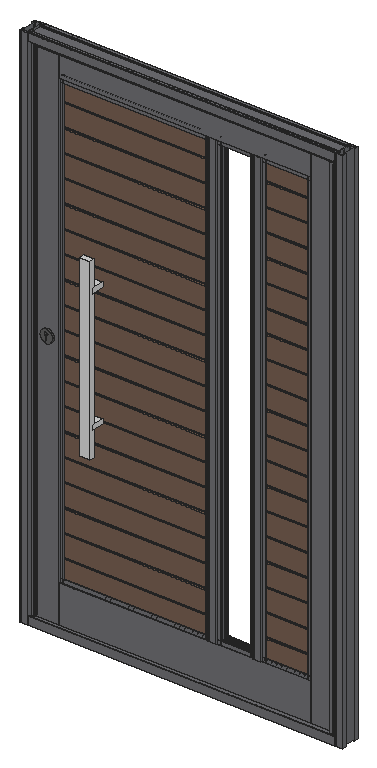
Revit family "Y1321P Y2 CH K RH", category Doors, host Wall, Revit 2024
Family settings
  Host = Wall
  OmniClass Number = 23.30.10.00
  OmniClass Title = Doors
  Always vertical = Yes
  Cut with Voids When Loaded = No
  Shared = No
  Room Calculation Point = No
Parameters
  Function = Interior
  Frame Projection Ext. = 25 mm
  Frame Projection Int. = 25 mm
  Frame Width = 75 mm
  Height = 2120 mm
  Wall Closure = By host
  Width = 1290 mm
  Analytic Construction = "<None>"
Reference planes
  plane 1: y = 0
  plane 2 "Center (Left/Right)": x = 0
  plane 3 "Left": x = -645
  plane 4 "Right": x = 645
  plane 5: z = 2120
  plane 6 "Exterior": y = 75
  plane 7 "Interior": y = -75
Forms (mm)
  Sweep 1, solid, material "ALUMINIUM CHAR (TEST)"
    path origin (0, 75, 0) x (1, 0, 0) y (0, 0, 1)
      loop
        line (-601.2, 30) -> (-601.2, 2075) -> (600, 2075) -> (600, 30)
    profile origin (-0.6, 75, 2075) x (0, 0, 1) y (0, -1, 0)
      loop
        line (15, 55) -> (2.8, 55) -> (2.8, 61.5) -> (0.5, 61.5) -> (0.5, 88.5) -> (2.8, 88.5) -> (2.8, 95) -> (15, 95) -> (15, 97) -> (-0.5, 97)
        arc (-0.5, 97) -> (-1.207, 96.707) -> (-1.5, 96) r 1
        line (-1.5, 96) -> (-1.5, 93.9) -> (-0.5, 93.9) -> (-0.5, 95) -> (1, 95) -> (1, 90.5) -> (-0.5, 90.5) -> (-0.5, 91.631) -> (-1.5, 91.631) -> (-1.5, 58.369) -> (-0.5, 58.369) -> (-0.5, 59.5) -> (1, 59.5) -> (1, 55) -> (-0.5, 55) -> (-0.5, 56.1) -> (-1.5, 56.1) -> (-1.5, 54)
        arc (-1.5, 54) -> (-1.207, 53.293) -> (-0.5, 53) r 1
        line (-0.5, 53) -> (15, 53) -> (15, 55)
  Extrusion 2, solid, material "ALUMINIUM CHAR (TEST)"
    sketch origin (0, 0, 0) x (0, 1, 0) y (0, 0, 1)
      loop
        line (37.5, 2120) -> (22, 2120) -> (22, 2118.5) -> (24.5, 2118.5) -> (24.5, 2115.5) -> (-24.5, 2115.5) -> (-24.5, 2118.5) -> (-22, 2118.5) -> (-22, 2120) -> (-37.5, 2120) -> (-37.5, 2090) -> (-4.189, 2090) -> (7.651, 2090) -> (37.5, 2090) -> (37.5, 2120)
      loop
        line (32.168, 2118.2) -> (30.896, 2116.928) -> (29.5, 2118.324) -> (28, 2116.824) -> (26.3, 2118.524) -> (26.3, 2115.8)
        arc (26.3, 2115.8) -> (25.685, 2114.315) -> (24.2, 2113.7) r 2.1
        line (24.2, 2113.7) -> (-24.2, 2113.7)
        arc (-24.2, 2113.7) -> (-25.685, 2114.315) -> (-26.3, 2115.8) r 2.1
        line (-26.3, 2115.8) -> (-26.3, 2118.524) -> (-28, 2116.824) -> (-29.5, 2118.324) -> (-30.896, 2116.928) -> (-32.168, 2118.2) -> (-35.6, 2118.2) -> (-35.6, 2091.8) -> (-32.168, 2091.8) -> (-30.896, 2093.072) -> (-29.5, 2091.676) -> (-28, 2093.176) -> (-26.624, 2091.8) -> (-19.438, 2091.8) -> (26.624, 2091.8) -> (28, 2093.176) -> (29.5, 2091.676) -> (30.896, 2093.072) -> (32.168, 2091.8) -> (35.6, 2091.8) -> (35.6, 2118.2) -> (32.168, 2118.2)
      loop
        line (37.5, 0) -> (37.5, 30) -> (7.651, 30) -> (-4.189, 30) -> (-37.5, 30) -> (-37.5, 0) -> (-22, 0) -> (-22, 1.5) -> (-24.5, 1.5) -> (-24.5, 4.5) -> (24.5, 4.5) -> (24.5, 1.5) -> (22, 1.5) -> (22, 0) -> (37.5, 0)
      loop
        line (32.168, 1.8) -> (35.6, 1.8) -> (35.6, 28.2) -> (32.168, 28.2) -> (30.896, 26.928) -> (29.5, 28.324) -> (28, 26.824) -> (26.624, 28.2) -> (-19.438, 28.2) -> (-26.624, 28.2) -> (-28, 26.824) -> (-29.5, 28.324) -> (-30.896, 26.928) -> (-32.168, 28.2) -> (-35.6, 28.2) -> (-35.6, 1.8) -> (-32.168, 1.8) -> (-30.896, 3.072) -> (-29.5, 1.676) -> (-28, 3.176) -> (-26.3, 1.476) -> (-26.3, 4.2)
        arc (-26.3, 4.2) -> (-25.685, 5.685) -> (-24.2, 6.3) r 2.1
        line (-24.2, 6.3) -> (24.2, 6.3)
        arc (24.2, 6.3) -> (25.685, 5.685) -> (26.3, 4.2) r 2.1
        line (26.3, 4.2) -> (26.3, 1.476) -> (28, 3.176) -> (29.5, 1.676) -> (30.896, 3.072) -> (32.168, 1.8)
    from -615 to 615
  Extrusion 3, solid, material "ALUMINIUM CHAR (TEST)"
    sketch origin (0, 0, 30) x (1, 0, 0) y (0, 1, 0)
      loop
        arc (598.5, 21) -> (597.5, 22) -> (596.5, 21) r 1
        line (596.5, 21) -> (596.5, -21.179)
        arc (596.5, -21.179) -> (596.26, -21.76) -> (595.679, -22) r 0.821
        line (595.679, -22) -> (584.5, -22)
        arc (584.5, -22) -> (583.5, -23) -> (584.5, -24) r 1
        line (584.5, -24) -> (597.679, -24)
        arc (597.679, -24) -> (598.26, -23.76) -> (598.5, -23.179) r 0.821
        line (598.5, -23.179) -> (598.5, 21)
      loop
        arc (-599.7, -21) -> (-598.7, -22) -> (-597.7, -21) r 1
        line (-597.7, -21) -> (-597.7, 21.179)
        arc (-597.7, 21.179) -> (-597.459, 21.76) -> (-596.879, 22) r 0.821
        line (-596.879, 22) -> (-585.7, 22)
        arc (-585.7, 22) -> (-584.7, 23) -> (-585.7, 24) r 1
        line (-585.7, 24) -> (-598.879, 24)
        arc (-598.879, 24) -> (-599.459, 23.76) -> (-599.7, 23.179) r 0.821
        line (-599.7, 23.179) -> (-599.7, -21)
    from 0 to 2043.5
  Extrusion 4, solid, material "ALUMINIUM CHAR (TEST)"
    sketch origin (0, 0, 0) x (1, 0, 0) y (0, 1, 0)
      loop
        line (-645, 37.5) -> (-645, 22) -> (-643.5, 22) -> (-643.5, 24.5) -> (-640.5, 24.5) -> (-640.5, -24.5) -> (-643.5, -24.5) -> (-643.5, -22) -> (-645, -22) -> (-645, -37.5) -> (-615, -37.5) -> (-615, -17) -> (-615.993, -17) -> (-616.394, -18.496) -> (-617.6, -18.496) -> (-617.6, -0.254) -> (-616.306, -0.254) -> (-616.066, -3) -> (-615, -3) -> (-615, 37.5) -> (-645, 37.5)
      loop
        line (-616.8, 26.624) -> (-618.176, 28) -> (-616.676, 29.5) -> (-618.072, 30.896) -> (-616.8, 32.168) -> (-616.8, 35.6) -> (-643.2, 35.6) -> (-643.2, 32.168) -> (-641.928, 30.896) -> (-643.324, 29.5) -> (-641.824, 28) -> (-643.524, 26.3) -> (-640.8, 26.3)
        arc (-640.8, 26.3) -> (-639.315, 25.685) -> (-638.7, 24.2) r 2.1
        line (-638.7, 24.2) -> (-638.7, -24.2)
        arc (-638.7, -24.2) -> (-639.315, -25.685) -> (-640.8, -26.3) r 2.1
        line (-640.8, -26.3) -> (-643.524, -26.3) -> (-641.824, -28) -> (-643.324, -29.5) -> (-641.928, -30.896) -> (-643.2, -32.168) -> (-643.2, -35.6) -> (-616.8, -35.6) -> (-616.8, -32.168) -> (-618.072, -30.896) -> (-616.676, -29.5) -> (-618.176, -28) -> (-616.8, -26.624) -> (-616.8, -20.239)
        arc (-616.8, -20.239) -> (-618.596, -19.852) -> (-619.4, -18.2) r 2.1
        line (-619.4, -18.2) -> (-619.4, -0.55)
        arc (-619.4, -0.55) -> (-618.596, 1.102) -> (-616.8, 1.49) r 2.1
        line (-616.8, 1.49) -> (-616.8, 26.624)
      loop
        line (645, 37.5) -> (615, 37.5) -> (615, -3) -> (616.066, -3) -> (616.306, -0.254) -> (617.6, -0.254) -> (617.6, -18.496) -> (616.394, -18.496) -> (615.993, -17) -> (615, -17) -> (615, -37.5) -> (645, -37.5) -> (645, -22) -> (643.5, -22) -> (643.5, -24.5) -> (640.5, -24.5) -> (640.5, 24.5) -> (643.5, 24.5) -> (643.5, 22) -> (645, 22) -> (645, 37.5)
      loop
        line (616.8, 26.624) -> (616.8, 1.49)
        arc (616.8, 1.49) -> (618.596, 1.102) -> (619.4, -0.55) r 2.1
        line (619.4, -0.55) -> (619.4, -18.2)
        arc (619.4, -18.2) -> (618.596, -19.852) -> (616.8, -20.239) r 2.1
        line (616.8, -20.239) -> (616.8, -26.624) -> (618.176, -28) -> (616.676, -29.5) -> (618.072, -30.896) -> (616.8, -32.168) -> (616.8, -35.6) -> (643.2, -35.6) -> (643.2, -32.168) -> (641.928, -30.896) -> (643.324, -29.5) -> (641.824, -28) -> (643.524, -26.3) -> (640.8, -26.3)
        arc (640.8, -26.3) -> (639.315, -25.685) -> (638.7, -24.2) r 2.1
        line (638.7, -24.2) -> (638.7, 24.2)
        arc (638.7, 24.2) -> (639.315, 25.685) -> (640.8, 26.3) r 2.1
        line (640.8, 26.3) -> (643.524, 26.3) -> (641.824, 28) -> (643.324, 29.5) -> (641.928, 30.896) -> (643.2, 32.168) -> (643.2, 35.6) -> (616.8, 35.6) -> (616.8, 32.168) -> (618.072, 30.896) -> (616.676, 29.5) -> (618.176, 28) -> (616.8, 26.624)
    from 0 to 2120
  Extrusion 5, solid, material "ALUMINIUM CHAR (TEST)"
    sketch origin (0, 0, -6.5) x (-1, 0, 0) y (0, -1, 0)
      loop
        line (503.5, -22) -> (591.7, -22)
        arc (591.7, -22) -> (592.973, -21.473) -> (593.5, -20.2) r 1.8
        line (593.5, -20.2) -> (593.5, -19.4)
        arc (593.5, -19.4) -> (593, -18.9) -> (592.5, -19.4) r 0.5
        line (592.5, -19.4) -> (592.5, -20.4) -> (591, -20.4) -> (591, -12.8) -> (592.5, -12.8) -> (592.5, -13.8)
        arc (592.5, -13.8) -> (593, -14.3) -> (593.5, -13.8) r 0.5
        line (593.5, -13.8) -> (593.5, 13.8)
        arc (593.5, 13.8) -> (593, 14.3) -> (592.5, 13.8) r 0.5
        line (592.5, 13.8) -> (592.5, 12.8) -> (591, 12.8) -> (591, 20.4) -> (592.5, 20.4) -> (592.5, 19.4)
        arc (592.5, 19.4) -> (593, 18.9) -> (593.5, 19.4) r 0.5
        line (593.5, 19.4) -> (593.5, 20.2)
        arc (593.5, 20.2) -> (592.973, 21.473) -> (591.7, 22) r 1.8
        line (591.7, 22) -> (503.5, 22) -> (503.5, 17) -> (488.5, 17) -> (488.5, 14) -> (489.7, 14) -> (489.7, 15.6) -> (492.2, 15.6) -> (492.893, 15.2) -> (503.5, 15.2) -> (503.5, 2) -> (504.475, 2) -> (504.737, 5) -> (506.1, 5) -> (506.1, -6.618) -> (506.1, -13.5) -> (504.606, -13.5) -> (504.475, -12) -> (503.5, -12) -> (503.5, -22)
      loop
        line (589.2, -20.2) -> (589.2, -12.2)
        arc (589.2, -12.2) -> (589.493, -11.493) -> (590.2, -11.2) r 1
        line (590.2, -11.2) -> (591.5, -11.2) -> (591.5, 11.2) -> (590.2, 11.2)
        arc (590.2, 11.2) -> (589.493, 11.493) -> (589.2, 12.2) r 1
        line (589.2, 12.2) -> (589.2, 20.2) -> (505.3, 20.2) -> (505.3, 17.092) -> (505.3, 6.8) -> (506.5, 6.8)
        arc (506.5, 6.8) -> (507.49, 6.39) -> (507.9, 5.4) r 1.4
        line (507.9, 5.4) -> (507.9, -13.9)
        arc (507.9, -13.9) -> (507.49, -14.89) -> (506.5, -15.3) r 1.4
        line (506.5, -15.3) -> (505.3, -15.3) -> (505.3, -20.2) -> (589.2, -20.2)
      loop
        line (-503.5, -22) -> (-503.5, -12) -> (-504.475, -12) -> (-504.606, -13.5) -> (-506.1, -13.5) -> (-506.1, -7.077) -> (-506.1, 5) -> (-504.737, 5) -> (-504.475, 2) -> (-503.5, 2) -> (-503.5, 15.2) -> (-492.893, 15.2) -> (-492.2, 15.6) -> (-489.7, 15.6) -> (-489.7, 14) -> (-488.5, 14) -> (-488.5, 17) -> (-503.5, 17) -> (-503.5, 22) -> (-591.7, 22)
        arc (-591.7, 22) -> (-592.973, 21.473) -> (-593.5, 20.2) r 1.8
        line (-593.5, 20.2) -> (-593.5, 19.4)
        arc (-593.5, 19.4) -> (-593, 18.9) -> (-592.5, 19.4) r 0.5
        line (-592.5, 19.4) -> (-592.5, 20.4) -> (-591, 20.4) -> (-591, 12.8) -> (-592.5, 12.8) -> (-592.5, 13.8)
        arc (-592.5, 13.8) -> (-593, 14.3) -> (-593.5, 13.8) r 0.5
        line (-593.5, 13.8) -> (-593.5, -13.8)
        arc (-593.5, -13.8) -> (-593, -14.3) -> (-592.5, -13.8) r 0.5
        line (-592.5, -13.8) -> (-592.5, -12.8) -> (-591, -12.8) -> (-591, -20.4) -> (-592.5, -20.4) -> (-592.5, -19.4)
        arc (-592.5, -19.4) -> (-593, -18.9) -> (-593.5, -19.4) r 0.5
        line (-593.5, -19.4) -> (-593.5, -20.2)
        arc (-593.5, -20.2) -> (-592.973, -21.473) -> (-591.7, -22) r 1.8
        line (-591.7, -22) -> (-503.5, -22)
      loop
        line (-589.2, -20.2) -> (-505.3, -20.2) -> (-505.3, -15.3) -> (-506.5, -15.3)
        arc (-506.5, -15.3) -> (-507.49, -14.89) -> (-507.9, -13.9) r 1.4
        line (-507.9, -13.9) -> (-507.9, 5.4)
        arc (-507.9, 5.4) -> (-507.49, 6.39) -> (-506.5, 6.8) r 1.4
        line (-506.5, 6.8) -> (-505.3, 6.8) -> (-505.3, 17.092) -> (-505.3, 20.2) -> (-589.2, 20.2) -> (-589.2, 12.2)
        arc (-589.2, 12.2) -> (-589.493, 11.493) -> (-590.2, 11.2) r 1
        line (-590.2, 11.2) -> (-591.5, 11.2) -> (-591.5, -11.2) -> (-590.2, -11.2)
        arc (-590.2, -11.2) -> (-589.493, -11.493) -> (-589.2, -12.2) r 1
        line (-589.2, -12.2) -> (-589.2, -20.2)
    from 40 to 2080
  Sweep 6, solid, material "ALUMINIUM CHAR (TEST)"
    path origin (0, 75, -6.5) x (-1, 0, 0) y (0, 0, -1)
      loop
        line (503.5, -1996.1) -> (503.5, -190) -> (-96.237, -190) -> (-96.237, -1996.1) -> (503.5, -1996.1)
    profile origin (-203.631, 75, 1989.6) x (0, 0, 1) y (0, -1, 0)
      loop
        line (0, 53.6) -> (0, 63) -> (1.1, 63)
        arc (1.1, 63) -> (1.85, 62.492) -> (2.6, 63) r 0.808
        line (2.6, 63) -> (2.6, 79)
        arc (2.6, 79) -> (2.1, 79.5) -> (1.6, 79) r 0.5
        line (1.6, 79) -> (1.6, 75.5) -> (0.6, 75.5) -> (0.6, 65) -> (-1.9, 65) -> (-1.9, 55) -> (-6.3, 55) -> (-6.9, 58) -> (-8.9, 58) -> (-8.9, 57) -> (-7.9, 57) -> (-7.5, 55) -> (-11.8, 55) -> (-11.4, 57) -> (-10.4, 57) -> (-10.4, 58) -> (-12.4, 58) -> (-13, 55) -> (-14.4, 55) -> (-14.4, 57.5)
        arc (-14.4, 57.5) -> (-14.9, 58) -> (-15.4, 57.5) r 0.5
        line (-15.4, 57.5) -> (-15.4, 53.6)
        arc (-15.4, 53.6) -> (-15.224, 53.176) -> (-14.8, 53) r 0.6
        line (-14.8, 53) -> (-0.6, 53)
        arc (-0.6, 53) -> (-0.176, 53.176) -> (0, 53.6) r 0.6
  Sweep 7, solid, material "ALUMINIUM CHAR (TEST)"
    path origin (0.008, 75, 1533.5) x (-1, 0, 0) y (0, 0, -1)
      loop
        line (-304.992, -455) -> (-304.992, 1350) -> (-503.5, 1350) -> (-503.5, -455) -> (-304.992, -455)
    profile origin (404.254, 75, 1988.5) x (0, 0, 1) y (0, -1, 0)
      loop
        line (0, 53.6) -> (0, 63) -> (1.1, 63)
        arc (1.1, 63) -> (1.85, 62.492) -> (2.6, 63) r 0.808
        line (2.6, 63) -> (2.6, 79)
        arc (2.6, 79) -> (2.1, 79.5) -> (1.6, 79) r 0.5
        line (1.6, 79) -> (1.6, 75.5) -> (0.6, 75.5) -> (0.6, 65) -> (-1.9, 65) -> (-1.9, 55) -> (-6.3, 55) -> (-6.9, 58) -> (-8.9, 58) -> (-8.9, 57) -> (-7.9, 57) -> (-7.5, 55) -> (-11.8, 55) -> (-11.4, 57) -> (-10.4, 57) -> (-10.4, 58) -> (-12.4, 58) -> (-13, 55) -> (-14.4, 55) -> (-14.4, 57.5)
        arc (-14.4, 57.5) -> (-14.9, 58) -> (-15.4, 57.5) r 0.5
        line (-15.4, 57.5) -> (-15.4, 53.6)
        arc (-15.4, 53.6) -> (-15.224, 53.176) -> (-14.8, 53) r 0.6
        line (-14.8, 53) -> (-0.6, 53)
        arc (-0.6, 53) -> (-0.176, 53.176) -> (0, 53.6) r 0.6
  Extrusion 8, solid, material "ALUMINIUM BLACK (TEST)"
    sketch origin (350.722, 27.873, -83.123) x (1, 0, 0) y (0, 0, 1)
      loop
        circle (-896.954, 1135.623) r 25
    from 0 to 5
  Extrusion 9, solid, material "ALUMINIUM BLACK (TEST)"
    sketch origin (350.722, -27.873, -83.123) x (1, 0, 0) y (0, 0, -1)
      loop
        circle (-896.954, -1135.623) r 25
    from 0 to 5
  Extrusion 10, void
    sketch origin (85.5, 67.873, -83.123) x (1, 0, 0) y (0, 0, 1)
      loop
        arc (-634.732, 1122.18) -> (-631.732, 1119.18) -> (-628.732, 1122.18) r 3
        line (-628.732, 1122.18) -> (-628.732, 1136.773)
        arc (-628.732, 1136.773) -> (-631.732, 1150.865) -> (-634.732, 1136.773) r 7.365
        line (-634.732, 1136.773) -> (-634.732, 1122.18)
    from 40 to 45
  Extrusion 11, void
    sketch origin (85.5, -67.873, -83.123) x (1, 0, 0) y (0, 0, -1)
      loop
        line (-634.732, -1122.18) -> (-634.732, -1136.773)
        arc (-634.732, -1136.773) -> (-631.732, -1150.865) -> (-628.732, -1136.773) r 7.365
        line (-628.732, -1136.773) -> (-628.732, -1122.18)
        arc (-628.732, -1122.18) -> (-631.732, -1119.18) -> (-634.732, -1122.18) r 3
    from 40 to 45
  Extrusion 12, solid, material "COOL BRONZE GLASS"
    sketch origin (0, 9.8, -6.5) x (-1, 0, 0) y (0, 0, -1)
      loop
        line (-125, -1994.2) -> (-125, -189.4) -> (-275, -189.4) -> (-275, -1994.2) -> (-125, -1994.2)
    from 0 to 6.4
  Sweep 13, solid, material "ALUMINIUM CHAR (TEST)"
    path origin (2.956, 75, 1123.5) x (-1, 0, 0) y (0, 0, -1)
      loop
        line (-122.044, -866.1) -> (-122.044, 940) -> (-272.044, 940) -> (-272.044, -866.1) -> (-122.044, -866.1)
    profile origin (200, 75, 1989.6) x (0, 0, 1) y (0, -1, 0)
      loop
        line (0, 53.6) -> (0, 63) -> (1.1, 63)
        arc (1.1, 63) -> (1.85, 62.492) -> (2.6, 63) r 0.808
        line (2.6, 63) -> (2.6, 79)
        arc (2.6, 79) -> (2.1, 79.5) -> (1.6, 79) r 0.5
        line (1.6, 79) -> (1.6, 75.5) -> (0.6, 75.5) -> (0.6, 65) -> (-1.9, 65) -> (-1.9, 55) -> (-6.3, 55) -> (-6.9, 58) -> (-8.9, 58) -> (-8.9, 57) -> (-7.9, 57) -> (-7.5, 55) -> (-11.8, 55) -> (-11.4, 57) -> (-10.4, 57) -> (-10.4, 58) -> (-12.4, 58) -> (-13, 55) -> (-14.4, 55) -> (-14.4, 57.5)
        arc (-14.4, 57.5) -> (-14.9, 58) -> (-15.4, 57.5) r 0.5
        line (-15.4, 57.5) -> (-15.4, 53.6)
        arc (-15.4, 53.6) -> (-15.224, 53.176) -> (-14.8, 53) r 0.6
        line (-14.8, 53) -> (-0.6, 53)
        arc (-0.6, 53) -> (-0.176, 53.176) -> (0, 53.6) r 0.6
  Extrusion 14, solid, material "ALUMINIUM CHAR (TEST)"
    sketch origin (-4982.033, 0, 3177.001) x (0, -1, 0) y (1, 0, 0)
      loop
        line (22, 5077.033) -> (22, 5107.033) -> (17, 5107.033) -> (17, 5122.033) -> (14, 5122.033) -> (14, 5120.833) -> (15.6, 5120.833) -> (15.6, 5118.333) -> (15.2, 5117.641) -> (15.2, 5107.033) -> (2, 5107.033) -> (2, 5106.058) -> (5, 5105.796) -> (5, 5104.433) -> (-13.5, 5104.433) -> (-13.5, 5105.927) -> (-12, 5106.058) -> (-12, 5107.033) -> (-22, 5107.033) -> (-22, 5077.033) -> (-12, 5077.033) -> (-12, 5078.008) -> (-13.5, 5078.139) -> (-13.5, 5079.633) -> (5, 5079.633) -> (5, 5078.271) -> (2, 5078.008) -> (2, 5077.033) -> (15.2, 5077.033) -> (15.2, 5066.133) -> (15.6, 5065.441) -> (15.6, 5063.233) -> (14, 5063.233) -> (14, 5062.033) -> (17, 5062.033) -> (17, 5077.033) -> (22, 5077.033)
      loop
        line (20.2, 5105.233) -> (6.8, 5105.233) -> (6.8, 5104.033)
        arc (6.8, 5104.033) -> (6.39, 5103.043) -> (5.4, 5102.633) r 1.4
        line (5.4, 5102.633) -> (-13.9, 5102.633)
        arc (-13.9, 5102.633) -> (-14.89, 5103.043) -> (-15.3, 5104.033) r 1.4
        line (-15.3, 5104.033) -> (-15.3, 5105.233) -> (-20.2, 5105.233) -> (-20.2, 5078.833) -> (-15.3, 5078.833) -> (-15.3, 5080.033)
        arc (-15.3, 5080.033) -> (-14.89, 5081.023) -> (-13.9, 5081.433) r 1.4
        line (-13.9, 5081.433) -> (5.4, 5081.433)
        arc (5.4, 5081.433) -> (6.39, 5081.023) -> (6.8, 5080.033) r 1.4
        line (6.8, 5080.033) -> (6.8, 5078.833) -> (16.581, 5078.833) -> (20.2, 5078.833) -> (20.2, 5105.233)
      loop
        line (22, 5257.033) -> (22, 5287.033) -> (17, 5287.033) -> (17, 5302.033) -> (14, 5302.033) -> (14, 5300.833) -> (15.6, 5300.833) -> (15.6, 5298.333) -> (15.2, 5297.641) -> (15.2, 5287.033) -> (2, 5287.033) -> (2, 5286.058) -> (5, 5285.796) -> (5, 5284.433) -> (-13.5, 5284.433) -> (-13.5, 5285.927) -> (-12, 5286.058) -> (-12, 5287.033) -> (-22, 5287.033) -> (-22, 5257.033) -> (-12, 5257.033) -> (-12, 5258.008) -> (-13.5, 5258.139) -> (-13.5, 5259.633) -> (5, 5259.633) -> (5, 5258.271) -> (2, 5258.008) -> (2, 5257.033) -> (15.2, 5257.033) -> (15.2, 5246.133) -> (15.6, 5245.441) -> (15.6, 5243.233) -> (14, 5243.233) -> (14, 5242.033) -> (17, 5242.033) -> (17, 5257.033) -> (22, 5257.033)
      loop
        line (20.2, 5285.233) -> (6.8, 5285.233) -> (6.8, 5284.033)
        arc (6.8, 5284.033) -> (6.39, 5283.043) -> (5.4, 5282.633) r 1.4
        line (5.4, 5282.633) -> (-13.9, 5282.633)
        arc (-13.9, 5282.633) -> (-14.89, 5283.043) -> (-15.3, 5284.033) r 1.4
        line (-15.3, 5284.033) -> (-15.3, 5285.233) -> (-20.2, 5285.233) -> (-20.2, 5258.833) -> (-15.3, 5258.833) -> (-15.3, 5260.033)
        arc (-15.3, 5260.033) -> (-14.89, 5261.023) -> (-13.9, 5261.433) r 1.4
        line (-13.9, 5261.433) -> (5.4, 5261.433)
        arc (5.4, 5261.433) -> (6.39, 5261.023) -> (6.8, 5260.033) r 1.4
        line (6.8, 5260.033) -> (6.8, 5258.833) -> (16.581, 5258.833) -> (20.2, 5258.833) -> (20.2, 5285.233)
    from -2993.501 to -1188.501
  Extrusion 15, solid, material "ALUMINIUM CHAR (TEST)"
    sketch origin (0, 0, -6.5) x (0, 1, 0) y (0, 0, -1)
      loop
        line (20.25, -77.453) -> (19.7, -76.5) -> (19.7, -73.5) -> (20.25, -72.547) -> (20.25, -61.8) -> (-20.25, -61.8) -> (-20.25, -72.547) -> (-19.7, -73.5) -> (-19.7, -76.5) -> (-20.25, -77.453) -> (-20.25, -172.747) -> (-19.7, -173.7) -> (-19.7, -176.7) -> (-20.25, -177.653) -> (-20.25, -188.2) -> (-6.55, -188.2) -> (-6.55, -185.6) -> (15.3, -185.6) -> (15.3, -188.2) -> (20.25, -188.2) -> (20.25, -177.653) -> (19.7, -176.7) -> (19.7, -173.7) -> (20.25, -172.747) -> (20.25, -77.453)
      loop
        line (19.7, -60) -> (-19.7, -60) -> (-19.7, -57) -> (-20.25, -56.047) -> (-20.25, -43.6) -> (-17.1, -43.6) -> (-17.1, -42) -> (-20.2, -42) -> (-20.2, -40) -> (-22, -40) -> (-22, -190) -> (-17, -190) -> (-17, -205) -> (-14, -205) -> (-14, -203.8) -> (-15.6, -203.8) -> (-15.6, -201.3) -> (-15.2, -200.607) -> (-15.2, -190) -> (-2, -190) -> (-2, -188.934) -> (-4.75, -188.693) -> (-4.75, -187.4) -> (13.5, -187.4) -> (13.5, -188.605) -> (12, -189.007) -> (12, -190) -> (22, -190) -> (22, -40) -> (20.2, -40) -> (20.2, -42) -> (17.1, -42) -> (17.1, -43.6) -> (20.25, -43.6) -> (20.25, -56.047) -> (19.7, -57) -> (19.7, -60)
      loop
        line (-22, -2080) -> (-20.2, -2080) -> (-20.2, -2078) -> (-17.1, -2078) -> (-17.1, -2076.4) -> (-20.25, -2076.4) -> (-20.25, -2063.953) -> (-19.7, -2063) -> (-19.7, -2060) -> (19.7, -2060) -> (19.7, -2063) -> (20.25, -2063.953) -> (20.25, -2076.4) -> (17.1, -2076.4) -> (17.1, -2078) -> (20.2, -2078) -> (20.2, -2080) -> (22, -2080) -> (22, -1995) -> (12, -1995) -> (12, -1995.993) -> (13.5, -1996.395) -> (13.5, -1997.6) -> (-4.75, -1997.6) -> (-4.75, -1996.307) -> (-2, -1996.066) -> (-2, -1995) -> (-15.2, -1995) -> (-15.2, -1984.393) -> (-15.6, -1983.7) -> (-15.6, -1981.2) -> (-14, -1981.2) -> (-14, -1980) -> (-17, -1980) -> (-17, -1995) -> (-22, -1995) -> (-22, -2080)
      loop
        line (-20.25, -2042.547) -> (-19.7, -2043.5) -> (-19.7, -2046.5) -> (-20.25, -2047.453) -> (-20.25, -2058.2) -> (20.25, -2058.2) -> (20.25, -2047.453) -> (19.7, -2046.5) -> (19.7, -2043.5) -> (20.25, -2042.547) -> (20.25, -2012.253) -> (19.7, -2011.3) -> (19.7, -2008.3) -> (20.25, -2007.347) -> (20.25, -1996.8) -> (15.3, -1996.8) -> (15.3, -1999.4) -> (-6.55, -1999.4) -> (-6.55, -1996.8) -> (-20.25, -1996.8) -> (-20.25, -2007.347) -> (-19.7, -2008.3) -> (-19.7, -2011.3) -> (-20.25, -2012.253) -> (-20.25, -2042.547)
    from -503.5 to 503.5
  Extrusion 16, solid, material "KIAAT (TEST 1)"
    sketch origin (0.008, 114.915, -6.5) x (0, 1, 0) y (0, 0, -1)
      loop
        line (-104.915, -272.7) -> (-104.915, -190) -> (-126.915, -190) -> (-126.915, -272.7) -> (-119.415, -272.7) -> (-119.415, -280.7) -> (-126.915, -280.7) -> (-126.915, -363.4) -> (-119.415, -363.4) -> (-119.415, -371.4) -> (-126.915, -371.4) -> (-126.915, -454.1) -> (-119.415, -454.1) -> (-119.415, -462.1) -> (-126.915, -462.1) -> (-126.915, -544.8) -> (-119.415, -544.8) -> (-119.415, -552.8) -> (-126.915, -552.8) -> (-126.915, -635.5) -> (-119.415, -635.5) -> (-119.415, -643.5) -> (-126.915, -643.5) -> (-126.915, -726.2) -> (-119.415, -726.2) -> (-119.415, -734.2) -> (-126.915, -734.2) -> (-126.915, -816.9) -> (-119.415, -816.9) -> (-119.415, -824.9) -> (-126.915, -824.9) -> (-126.915, -907.6) -> (-119.415, -907.6) -> (-119.415, -915.6) -> (-126.915, -915.6) -> (-126.915, -998.3) -> (-119.415, -998.3) -> (-119.415, -1006.3) -> (-126.915, -1006.3) -> (-126.915, -1089) -> (-119.415, -1089) -> (-119.415, -1097) -> (-126.915, -1097) -> (-126.915, -1179.7) -> (-119.415, -1179.7) -> (-119.415, -1187.7) -> (-126.915, -1187.7) -> (-126.915, -1270.4) -> (-119.415, -1270.4) -> (-119.415, -1278.4) -> (-126.915, -1278.4) -> (-126.915, -1361.1) -> (-119.415, -1361.1) -> (-119.415, -1369.1) -> (-126.915, -1369.1) -> (-126.915, -1451.8) -> (-119.415, -1451.8) -> (-119.415, -1459.8) -> (-126.915, -1459.8) -> (-126.915, -1542.5) -> (-119.415, -1542.5) -> (-119.415, -1550.5) -> (-126.915, -1550.5) -> (-126.915, -1633.2) -> (-119.415, -1633.2) -> (-119.415, -1641.2) -> (-126.915, -1641.2) -> (-126.915, -1723.9) -> (-119.415, -1723.9) -> (-119.415, -1731.9) -> (-126.915, -1731.9) -> (-126.915, -1814.6) -> (-119.415, -1814.6) -> (-119.415, -1822.6) -> (-126.915, -1822.6) -> (-126.915, -1905.3) -> (-119.415, -1905.3) -> (-119.415, -1913.3) -> (-126.915, -1913.3) -> (-126.915, -1995) -> (-104.915, -1995) -> (-104.915, -1913.3) -> (-112.415, -1913.3) -> (-112.415, -1905.3) -> (-104.915, -1905.3) -> (-104.915, -1822.6) -> (-112.415, -1822.6) -> (-112.415, -1814.6) -> (-104.915, -1814.6) -> (-104.915, -1731.9) -> (-112.415, -1731.9) -> (-112.415, -1723.9) -> (-104.915, -1723.9) -> (-104.915, -1641.2) -> (-112.415, -1641.2) -> (-112.415, -1633.2) -> (-104.915, -1633.2) -> (-104.915, -1550.5) -> (-112.415, -1550.5) -> (-112.415, -1542.5) -> (-104.915, -1542.5) -> (-104.915, -1459.8) -> (-112.415, -1459.8) -> (-112.415, -1451.8) -> (-104.915, -1451.8) -> (-104.915, -1369.1) -> (-112.415, -1369.1) -> (-112.415, -1361.1) -> (-104.915, -1361.1) -> (-104.915, -1278.4) -> (-112.415, -1278.4) -> (-112.415, -1270.4) -> (-104.915, -1270.4) -> (-104.915, -1187.7) -> (-112.415, -1187.7) -> (-112.415, -1179.7) -> (-104.915, -1179.7) -> (-104.915, -1097) -> (-112.415, -1097) -> (-112.415, -1089) -> (-104.915, -1089) -> (-104.915, -1006.3) -> (-112.415, -1006.3) -> (-112.415, -998.3) -> (-104.915, -998.3) -> (-104.915, -915.6) -> (-112.415, -915.6) -> (-112.415, -907.6) -> (-104.915, -907.6) -> (-104.915, -824.9) -> (-112.415, -824.9) -> (-112.415, -816.9) -> (-104.915, -816.9) -> (-104.915, -734.2) -> (-112.415, -734.2) -> (-112.415, -726.2) -> (-104.915, -726.2) -> (-104.915, -643.5) -> (-112.415, -643.5) -> (-112.415, -635.5) -> (-104.915, -635.5) -> (-104.915, -552.8) -> (-112.415, -552.8) -> (-112.415, -544.8) -> (-104.915, -544.8) -> (-104.915, -462.1) -> (-112.415, -462.1) -> (-112.415, -454.1) -> (-104.915, -454.1) -> (-104.915, -371.4) -> (-112.415, -371.4) -> (-112.415, -363.4) -> (-104.915, -363.4) -> (-104.915, -280.7) -> (-112.415, -280.7) -> (-112.415, -272.7) -> (-104.915, -272.7)
    from -94.329 to 503.508
  Extrusion 17, solid, material "KIAAT (TEST 1)"
    sketch origin (407.255, 114.915, -6.5) x (0, 1, 0) y (0, 0, -1)
      loop
        line (-104.915, -272.7) -> (-104.915, -190) -> (-126.915, -190) -> (-126.915, -272.7) -> (-119.415, -272.7) -> (-119.415, -280.7) -> (-126.915, -280.7) -> (-126.915, -363.4) -> (-119.415, -363.4) -> (-119.415, -371.4) -> (-126.915, -371.4) -> (-126.915, -454.1) -> (-119.415, -454.1) -> (-119.415, -462.1) -> (-126.915, -462.1) -> (-126.915, -544.8) -> (-119.415, -544.8) -> (-119.415, -552.8) -> (-126.915, -552.8) -> (-126.915, -635.5) -> (-119.415, -635.5) -> (-119.415, -643.5) -> (-126.915, -643.5) -> (-126.915, -726.2) -> (-119.415, -726.2) -> (-119.415, -734.2) -> (-126.915, -734.2) -> (-126.915, -816.9) -> (-119.415, -816.9) -> (-119.415, -824.9) -> (-126.915, -824.9) -> (-126.915, -907.6) -> (-119.415, -907.6) -> (-119.415, -915.6) -> (-126.915, -915.6) -> (-126.915, -998.3) -> (-119.415, -998.3) -> (-119.415, -1006.3) -> (-126.915, -1006.3) -> (-126.915, -1089) -> (-119.415, -1089) -> (-119.415, -1097) -> (-126.915, -1097) -> (-126.915, -1179.7) -> (-119.415, -1179.7) -> (-119.415, -1187.7) -> (-126.915, -1187.7) -> (-126.915, -1270.4) -> (-119.415, -1270.4) -> (-119.415, -1278.4) -> (-126.915, -1278.4) -> (-126.915, -1361.1) -> (-119.415, -1361.1) -> (-119.415, -1369.1) -> (-126.915, -1369.1) -> (-126.915, -1451.8) -> (-119.415, -1451.8) -> (-119.415, -1459.8) -> (-126.915, -1459.8) -> (-126.915, -1542.5) -> (-119.415, -1542.5) -> (-119.415, -1550.5) -> (-126.915, -1550.5) -> (-126.915, -1633.2) -> (-119.415, -1633.2) -> (-119.415, -1641.2) -> (-126.915, -1641.2) -> (-126.915, -1723.9) -> (-119.415, -1723.9) -> (-119.415, -1731.9) -> (-126.915, -1731.9) -> (-126.915, -1814.6) -> (-119.415, -1814.6) -> (-119.415, -1822.6) -> (-126.915, -1822.6) -> (-126.915, -1905.3) -> (-119.415, -1905.3) -> (-119.415, -1913.3) -> (-126.915, -1913.3) -> (-126.915, -1995) -> (-104.915, -1995) -> (-104.915, -1913.3) -> (-112.415, -1913.3) -> (-112.415, -1905.3) -> (-104.915, -1905.3) -> (-104.915, -1822.6) -> (-112.415, -1822.6) -> (-112.415, -1814.6) -> (-104.915, -1814.6) -> (-104.915, -1731.9) -> (-112.415, -1731.9) -> (-112.415, -1723.9) -> (-104.915, -1723.9) -> (-104.915, -1641.2) -> (-112.415, -1641.2) -> (-112.415, -1633.2) -> (-104.915, -1633.2) -> (-104.915, -1550.5) -> (-112.415, -1550.5) -> (-112.415, -1542.5) -> (-104.915, -1542.5) -> (-104.915, -1459.8) -> (-112.415, -1459.8) -> (-112.415, -1451.8) -> (-104.915, -1451.8) -> (-104.915, -1369.1) -> (-112.415, -1369.1) -> (-112.415, -1361.1) -> (-104.915, -1361.1) -> (-104.915, -1278.4) -> (-112.415, -1278.4) -> (-112.415, -1270.4) -> (-104.915, -1270.4) -> (-104.915, -1187.7) -> (-112.415, -1187.7) -> (-112.415, -1179.7) -> (-104.915, -1179.7) -> (-104.915, -1097) -> (-112.415, -1097) -> (-112.415, -1089) -> (-104.915, -1089) -> (-104.915, -1006.3) -> (-112.415, -1006.3) -> (-112.415, -998.3) -> (-104.915, -998.3) -> (-104.915, -915.6) -> (-112.415, -915.6) -> (-112.415, -907.6) -> (-104.915, -907.6) -> (-104.915, -824.9) -> (-112.415, -824.9) -> (-112.415, -816.9) -> (-104.915, -816.9) -> (-104.915, -734.2) -> (-112.415, -734.2) -> (-112.415, -726.2) -> (-104.915, -726.2) -> (-104.915, -643.5) -> (-112.415, -643.5) -> (-112.415, -635.5) -> (-104.915, -635.5) -> (-104.915, -552.8) -> (-112.415, -552.8) -> (-112.415, -544.8) -> (-104.915, -544.8) -> (-104.915, -462.1) -> (-112.415, -462.1) -> (-112.415, -454.1) -> (-104.915, -454.1) -> (-104.915, -371.4) -> (-112.415, -371.4) -> (-112.415, -363.4) -> (-104.915, -363.4) -> (-104.915, -280.7) -> (-112.415, -280.7) -> (-112.415, -272.7) -> (-104.915, -272.7)
    from -96.1 to 102.855
  Extrusion 18, solid, material "Stainless Steel Lever Handle"
    sketch origin (503.242, -71.398, 705) x (1, 0, 0) y (0, 1, 0)
      loop
        line (-878.538, 126.398) -> (-838.538, 126.398) -> (-838.538, 146.398) -> (-878.538, 146.398) -> (-878.538, 126.398)
    from 0 to 710
  Extrusion 19, solid, material "Stainless Steel Lever Handle"
    sketch origin (503.242, 60, -375) x (1, 0, 0) y (0, 0, 1)
      loop
        line (-878.538, 1690) -> (-878.538, 1670) -> (-838.538, 1670) -> (-838.538, 1690) -> (-878.538, 1690)
      loop
        line (-878.538, 1180) -> (-838.538, 1180) -> (-838.538, 1200) -> (-878.538, 1200) -> (-878.538, 1180)
    from 0 to 50
  Extrusion 20, solid, material "Stainless Steel Lever Handle"
    sketch origin (503.242, 69.398, 705) x (1, 0, 0) y (0, 1, 0)
      loop
        line (-878.538, -126.398) -> (-878.538, -146.398) -> (-838.538, -146.398) -> (-838.538, -126.398) -> (-878.538, -126.398)
    from 0 to 710
  Extrusion 21, solid, material "Stainless Steel Lever Handle"
    sketch origin (503.242, -62, -375) x (1, 0, 0) y (0, 0, -1)
      loop
        line (-878.538, -1690) -> (-838.538, -1690) -> (-838.538, -1670) -> (-878.538, -1670) -> (-878.538, -1690)
      loop
        line (-878.538, -1180) -> (-878.538, -1200) -> (-838.538, -1200) -> (-838.538, -1180) -> (-878.538, -1180)
    from 0 to 50
Cuts and joins
  Extrusion 10 cuts Extrusion 8
  Extrusion 11 cuts Extrusion 9
Lines and regions (mm)
  Opening 1
    outline origin (-5000, -75, 0) x (1, 0, 0) y (0, 0, 1)
      loop
        line (4355, 0) -> (5645, 0) -> (5645, 2120) -> (4355, 2120) -> (4355, 0)
  model lines
    curve 1: line (-602.851, 22.5, 0) -> (602.851, 22.5, 0)
    curve 2: line (-603, -13, 0) -> (603, -13, 0)
    curve 8: line (300, -22.5, 0) -> (300, -925.5, 0)
    curve 9: arc (-603, -22.5, 0) -> (-338.517, -661.017, 0) -> (300, -925.5, 0) r 903
    curve 10: line (300, 13, 0) -> (300, 316, 0)
    curve 11: arc (300, 316, 0) -> (514.253, 227.253, 0) -> (603, 13, 0) r 303
    curve 12: line (603, 22.5, 0) -> (-603, 22.5, 0)
    curve 13: line (300, 0, 0) -> (300, 0, 2078)
  symbolic lines, style "Elevation Swing"
    curve 3: line (-645, -75, 1060) -> (300, -75, 2078)
    curve 4: line (-645, -75, 1060) -> (300, -75, 0)
    curve 5: line (598.5, -75, 1060.342) -> (300, -75, 2078)
    curve 6: line (598.5, -75, 1060.342) -> (300, -75, 0)
  model lines, style "Elevation Swing"
    curve 7: line (300, 0, 0) -> (300, 0, 2078)
Text (mm)
  text "Exterior" at (-2295.016, 1099.543, 0), in view "Ref. Level"
  text "Exterior" at (0, 1615.38, 3698.081), in view "Left"
  text "Exterior" at (0, 1036.032, 3874.932), in view "Right"
Dimensions and locks
  equal spacing: plane 3 "Left", plane 2 "Center (Left/Right)", plane 4 "Right"
  "Width": plane 3 "Left" to plane 4 "Right"
  "Height": plane 5 to host wall
  host wall to plane 5 = 2120 mm  (x2)
  locked: plane 6 "Exterior" to host wall
  locked: plane 7 "Interior" to host wall
  plane 3 "Left" to plane 4 "Right" = 1290 mm  (x2)
  aligned and locked: plane 1 to host wall
  aligned and locked: Opening 1 sketch curve to level
Automatic sketch dimensions
  curve 13 to level = 0 mm
  curve 7 to level = 0 mm
  plane 5 to curve 13 = 42 mm
  curve 7 to curve 13 = 0 mm  (x2)
  plane 2 "Center (Left/Right)" to curve 13 = 300 mm
  plane 3 "Left" to curve 4 = 0 mm
  curve 4 to level = 0 mm
  plane 2 "Center (Left/Right)" to curve 4 = 300 mm
  plane 5 to curve 5 = 42 mm
  plane 2 "Center (Left/Right)" to curve 5 = 300 mm
  plane 4 "Right" to curve 6 = 46.5 mm
  level to curve 4 = 1060 mm
  plane 5 to curve 6 = 1059.658 mm
  plane 2 "Center (Left/Right)" to curve 8 = 300 mm
  curve 11 to host wall = 13 mm
  curve 11 to curve 8 = 0 mm
  host wall to curve 9 = 22.5 mm
  host wall to curve 8 = 850.5 mm
  host wall to curve 10 = 241 mm
  curve 1 to plane 3 "Left" = 42.149 mm
  curve 2 to curve 9 = 0 mm
  curve 1 to curve 11 = 0.149 mm
  host wall to curve 2 = 13 mm
  curve 2 to curve 11 = 0 mm
  curve 8 to curve 9 = 0 mm
  curve 10 to curve 11 = 0 mm
  plane 3 "Left" to Opening 1 sketch curve = 0 mm
  plane 4 "Right" to Opening 1 sketch curve = 0 mm
  Opening 1 sketch curve to plane 5 = 0 mm
  Sweep 1 sketch curve to plane 3 "Left" = 43.8 mm
  plane 4 "Right" to Sweep 1 sketch curve = 45 mm
  plane 5 to Sweep 1 sketch curve = 45 mm
  level to Sweep 1 sketch curve = 30 mm  (x2)
  profile plane to Sweep 1 sketch curve = 1.5 mm  (x3)
  profile plane to Sweep 1 sketch curve = 0.5 mm  (x6)
  Sweep 1 sketch curve to profile plane = 0.5 mm
  Sweep 1 sketch curve to profile plane = 1 mm  (x2)
  Sweep 1 sketch curve to Sweep 1 sketch curve = 1.8 mm
  Sweep 1 sketch curve to Sweep 1 sketch curve = 2.3 mm
  Sweep 1 sketch curve to Sweep 1 sketch curve = 12.2 mm  (x2)
  profile plane to Sweep 1 sketch curve = 53 mm
  Sweep 1 sketch curve to Sweep 1 sketch curve = 1 mm  (x3)
  Sweep 1 sketch curve to Sweep 1 sketch curve = 1.1 mm  (x2)
  Sweep 1 sketch curve to Sweep 1 sketch curve = 2.269 mm  (x2)
  Sweep 1 sketch curve to Sweep 1 sketch curve = 1.131 mm  (x2)
  Sweep 1 sketch curve to Sweep 1 sketch curve = 2 mm  (x2)
  Sweep 1 sketch curve to Sweep 1 sketch curve = 27 mm
  Sweep 1 sketch curve to Sweep 1 sketch curve = 6.5 mm
  Extrusion 2 sketch curve to level = 0 mm  (x2)
  plane 5 to Extrusion 2 sketch curve = 0 mm  (x2)
  host wall to Extrusion 2 sketch curve = 37.5 mm  (x2)
  Extrusion 2 sketch curve to Extrusion 2 sketch curve = 1.9 mm  (x4)
  Extrusion 2 sketch curve to Extrusion 2 sketch curve = 3.432 mm  (x6)
  plane 5 to Extrusion 2 sketch curve = 3.072 mm  (x2)
  Extrusion 2 sketch curve to Extrusion 2 sketch curve = 1.272 mm  (x12)
  level to Extrusion 2 sketch curve = 3.072 mm  (x2)
  Extrusion 2 sketch curve to Extrusion 2 sketch curve = 1.396 mm  (x8)
  plane 5 to Extrusion 2 sketch curve = 1.676 mm  (x2)
  level to Extrusion 2 sketch curve = 1.676 mm  (x2)
  plane 5 to Extrusion 2 sketch curve = 3.176 mm  (x2)
  Extrusion 2 sketch curve to Extrusion 2 sketch curve = 1.5 mm  (x6)
  level to Extrusion 2 sketch curve = 3.176 mm  (x2)
  Extrusion 2 sketch curve to Extrusion 2 sketch curve = 1.376 mm  (x4)
  Extrusion 2 sketch curve to Extrusion 2 sketch curve = 1.7 mm  (x4)
  Extrusion 2 sketch curve to Extrusion 2 sketch curve = 1.8 mm  (x5)
  Extrusion 2 sketch curve to Extrusion 2 sketch curve = 0.3 mm  (x6)
  Extrusion 2 sketch curve to Extrusion 2 sketch curve = 2.5 mm  (x2)
  Extrusion 2 sketch curve to Extrusion 2 sketch curve = 7.186 mm  (x2)
  host wall to Extrusion 2 sketch curve = 4.189 mm  (x2)
  Extrusion 2 sketch curve to host wall = 7.651 mm  (x2)
  level to Extrusion 2 sketch curve = 1.5 mm  (x2)
  Extrusion 2 sketch curve to host wall = 22 mm  (x2)
  Extrusion 2 sketch curve to Extrusion 2 sketch curve = 2.2 mm  (x2)
  plane 5 to Extrusion 2 sketch curve = 1.476 mm
  level to Extrusion 2 sketch curve = 1.476 mm
  Extrusion 2 sketch curve to Extrusion 2 sketch curve = 18.973 mm  (x2)
  Extrusion 2 sketch curve to Extrusion 2 sketch curve = 1.024 mm
  Extrusion 2 sketch curve to Extrusion 2 sketch curve = 20.524 mm  (x2)
  Extrusion 2 sketch curve to Extrusion 2 sketch curve = 0.104 mm  (x2)
  Extrusion 2 sketch curve to Extrusion 2 sketch curve = 26.928 mm
  Extrusion 2 sketch curve to Extrusion 2 sketch curve = 1.676 mm  (x2)
  Extrusion 2 sketch curve to Extrusion 2 sketch curve = 0.124 mm  (x2)
  Extrusion 2 sketch curve to Extrusion 2 sketch curve = 3.124 mm
  plane 5 to Extrusion 2 sketch curve = 1.5 mm  (x2)
  Extrusion 3 sketch curve to plane 3 "Left" = 45.3 mm
  Extrusion 3 sketch curve to Extrusion 3 sketch curve = 0.821 mm  (x4)
  Extrusion 3 sketch curve to Extrusion 3 sketch curve = 1 mm  (x4)
  Extrusion 3 sketch curve to Extrusion 3 sketch curve = 11.179 mm  (x2)
  host wall to Extrusion 3 sketch curve = 24 mm
  plane 4 "Right" to Extrusion 3 sketch curve = 60.5 mm
  host wall to Extrusion 3 sketch curve = 21 mm
  Extrusion 3 sketch curve to host wall = 21 mm
  Extrusion 3 sketch curve to host wall = 21.179 mm
  Extrusion 4 sketch curve to plane 3 "Left" = 0 mm  (x2)
  Extrusion 4 sketch curve to plane 4 "Right" = 0 mm  (x2)
  Extrusion 4 sketch curve to plane 3 "Left" = 1.476 mm  (x2)
  Extrusion 4 sketch curve to plane 3 "Left" = 1.5 mm  (x2)
  Extrusion 4 sketch curve to plane 3 "Left" = 1.676 mm  (x2)
  Extrusion 4 sketch curve to plane 3 "Left" = 1.8 mm  (x2)
  Extrusion 4 sketch curve to Extrusion 4 sketch curve = 1.272 mm  (x12)
  Extrusion 4 sketch curve to Extrusion 4 sketch curve = 1.5 mm  (x4)
  Extrusion 4 sketch curve to Extrusion 4 sketch curve = 1.024 mm  (x4)
  Extrusion 4 sketch curve to Extrusion 4 sketch curve = 0.3 mm  (x8)
  Extrusion 4 sketch curve to Extrusion 4 sketch curve = 1.8 mm  (x8)
  host wall to Extrusion 4 sketch curve = 0.55 mm  (x2)
  Extrusion 4 sketch curve to plane 3 "Left" = 25.6 mm
  Extrusion 4 sketch curve to Extrusion 4 sketch curve = 20.524 mm
  Extrusion 4 sketch curve to Extrusion 4 sketch curve = 1.224 mm
  Extrusion 4 sketch curve to Extrusion 4 sketch curve = 0.104 mm  (x4)
  Extrusion 4 sketch curve to Extrusion 4 sketch curve = 1.376 mm  (x8)
  Extrusion 4 sketch curve to Extrusion 4 sketch curve = 1.396 mm  (x6)
  Extrusion 4 sketch curve to Extrusion 4 sketch curve = 0.906 mm  (x2)
  host wall to Extrusion 4 sketch curve = 0.254 mm  (x2)
  Extrusion 4 sketch curve to Extrusion 4 sketch curve = 0.994 mm  (x2)
  Extrusion 4 sketch curve to Extrusion 4 sketch curve = 1.234 mm
  Extrusion 4 sketch curve to Extrusion 4 sketch curve = 0.401 mm  (x2)
  plane 4 "Right" to Extrusion 4 sketch curve = 30 mm
  Extrusion 4 sketch curve to Extrusion 4 sketch curve = 0 mm
  Extrusion 4 sketch curve to Extrusion 4 sketch curve = 0.993 mm
  Extrusion 4 sketch curve to Extrusion 4 sketch curve = 1.066 mm
  Extrusion 4 sketch curve to Extrusion 4 sketch curve = 0.24 mm
  Extrusion 4 sketch curve to Extrusion 4 sketch curve = 1.676 mm  (x2)
  Extrusion 4 sketch curve to Extrusion 4 sketch curve = 0.124 mm  (x4)
  plane 4 "Right" to Extrusion 4 sketch curve = 6.3 mm
  plane 4 "Right" to Extrusion 4 sketch curve = 1.676 mm  (x2)
  plane 4 "Right" to Extrusion 4 sketch curve = 1.5 mm  (x2)
  plane 4 "Right" to Extrusion 4 sketch curve = 1.476 mm  (x2)
  Extrusion 4 sketch curve to Extrusion 4 sketch curve = 2.45 mm  (x2)
  Extrusion 4 sketch curve to Extrusion 4 sketch curve = 14 mm  (x2)
  Extrusion 4 sketch curve to Extrusion 4 sketch curve = 1.2 mm  (x2)
  Extrusion 4 sketch curve to Extrusion 4 sketch curve = 0.296 mm  (x2)
  host wall to Extrusion 4 sketch curve = 22 mm  (x2)
  Extrusion 4 sketch curve to Extrusion 4 sketch curve = 2.2 mm  (x4)
  Extrusion 4 sketch curve to Extrusion 4 sketch curve = 6.385 mm  (x2)
  Extrusion 4 sketch curve to Extrusion 4 sketch curve = 1.7 mm  (x4)
  Extrusion 4 sketch curve to Extrusion 4 sketch curve = 3.432 mm  (x4)
  Extrusion 4 sketch curve to Extrusion 4 sketch curve = 1.9 mm  (x4)
  Extrusion 4 sketch curve to host wall = 22 mm  (x2)
  Extrusion 4 sketch curve to Extrusion 4 sketch curve = 2.424 mm  (x2)
  curve 12 to plane 3 "Left" = 42 mm
  plane 4 "Right" to curve 12 = 42 mm
  curve 12 to host wall = 22.5 mm
  plane 4 "Right" to Extrusion 5 sketch curve = 51.5 mm
  Extrusion 5 sketch curve to Extrusion 5 sketch curve = 0 mm  (x6)
  Extrusion 5 sketch curve to Extrusion 5 sketch curve = 0.5 mm  (x7)
  Extrusion 5 sketch curve to Extrusion 5 sketch curve = 0.8 mm  (x10)
  Extrusion 5 sketch curve to Extrusion 5 sketch curve = 1 mm  (x7)
  Extrusion 5 sketch curve to Extrusion 5 sketch curve = 0.7 mm  (x3)
  Extrusion 5 sketch curve to Extrusion 5 sketch curve = 1.5 mm  (x4)
  Extrusion 5 sketch curve to Extrusion 5 sketch curve = 1.3 mm  (x2)
  Extrusion 5 sketch curve to Extrusion 5 sketch curve = 1.8 mm  (x8)
  host wall to Extrusion 5 sketch curve = 5.4 mm
  Extrusion 5 sketch curve to Extrusion 5 sketch curve = 81.3 mm
  Extrusion 5 sketch curve to Extrusion 5 sketch curve = 1.4 mm  (x4)
  Extrusion 5 sketch curve to Extrusion 5 sketch curve = 0.4 mm  (x6)
  Extrusion 5 sketch curve to Extrusion 5 sketch curve = 1.2 mm  (x6)
  host wall to Extrusion 5 sketch curve = 5 mm  (x2)
  Extrusion 5 sketch curve to Extrusion 5 sketch curve = 1.363 mm  (x2)
  Extrusion 5 sketch curve to Extrusion 5 sketch curve = 1.494 mm
  Extrusion 5 sketch curve to Extrusion 5 sketch curve = 0.262 mm  (x2)
  Extrusion 5 sketch curve to Extrusion 5 sketch curve = 0.131 mm  (x2)
  Extrusion 5 sketch curve to Extrusion 5 sketch curve = 10.607 mm  (x2)
  Extrusion 5 sketch curve to Extrusion 5 sketch curve = 0.693 mm  (x2)
  Extrusion 5 sketch curve to Extrusion 5 sketch curve = 2.5 mm  (x2)
  host wall to Extrusion 5 sketch curve = 14 mm  (x2)
  Extrusion 5 sketch curve to plane 3 "Left" = 156.5 mm
  host wall to Extrusion 5 sketch curve = 15.2 mm
  host wall to Extrusion 5 sketch curve = 2 mm  (x2)
  Extrusion 5 sketch curve to Extrusion 5 sketch curve = 0.975 mm  (x2)
  Extrusion 5 sketch curve to host wall = 12 mm
  Extrusion 5 sketch curve to host wall = 13.5 mm  (x2)
  Extrusion 5 sketch curve to Extrusion 5 sketch curve = 0.563 mm
  Extrusion 5 sketch curve to Extrusion 5 sketch curve = 0.694 mm
  host wall to Extrusion 5 sketch curve = 12.2 mm
  Extrusion 5 sketch curve to plane 3 "Left" = 55.8 mm
  Extrusion 5 sketch curve to host wall = 12.2 mm
  Extrusion 5 sketch curve to Extrusion 5 sketch curve = 2.6 mm
  Extrusion 5 sketch curve to host wall = 13.8 mm
  Extrusion 5 sketch curve to Extrusion 5 sketch curve = 5.6 mm  (x4)
  Extrusion 5 sketch curve to Extrusion 5 sketch curve = 4.9 mm
  Extrusion 5 sketch curve to Extrusion 5 sketch curve = 0.2 mm  (x4)
  Extrusion 5 sketch curve to Extrusion 5 sketch curve = 0.6 mm  (x3)
  Extrusion 5 sketch curve to Extrusion 5 sketch curve = 4.923 mm
  Extrusion 5 sketch curve to Extrusion 5 sketch curve = 5.382 mm
  host wall to Extrusion 5 sketch curve = 11.2 mm
  Extrusion 5 sketch curve to Extrusion 5 sketch curve = 1.6 mm
  Extrusion 5 sketch curve to Extrusion 5 sketch curve = 0.092 mm  (x2)
  Extrusion 5 sketch curve to Extrusion 5 sketch curve = 3.108 mm
  plane 2 "Center (Left/Right)" to Sweep 6 sketch curve = 96.237 mm
  Sweep 6 sketch curve to plane 3 "Left" = 141.5 mm
  plane 5 to Sweep 6 sketch curve = 130.4 mm
  level to Sweep 6 sketch curve = 183.5 mm
  profile plane to Sweep 6 sketch curve = 0 mm
  Sweep 6 sketch curve to Sweep 6 sketch curve = 0.6 mm  (x2)
  profile plane to Sweep 6 sketch curve = 1.9 mm
  Sweep 6 sketch curve to Sweep 6 sketch curve = 4.4 mm
  Sweep 6 sketch curve to Sweep 6 sketch curve = 1.2 mm  (x2)
  Sweep 6 sketch curve to Sweep 6 sketch curve = 1 mm  (x6)
  Sweep 6 sketch curve to Sweep 6 sketch curve = 1.5 mm
  Sweep 6 sketch curve to Sweep 6 sketch curve = 0.4 mm  (x2)
  Sweep 6 sketch curve to Sweep 6 sketch curve = 2 mm  (x4)
  Sweep 6 sketch curve to Sweep 6 sketch curve = 0.5 mm  (x2)
  Sweep 6 sketch curve to profile plane = 0.6 mm
  Sweep 6 sketch curve to Sweep 6 sketch curve = 1.1 mm
  Sweep 6 sketch curve to profile plane = 1.6 mm
  Sweep 6 sketch curve to Sweep 6 sketch curve = 0.75 mm
  profile plane to Sweep 6 sketch curve = 53 mm
  Sweep 6 sketch curve to Sweep 6 sketch curve = 1.4 mm
  Sweep 6 sketch curve to Sweep 6 sketch curve = 0 mm  (x2)
  Sweep 6 sketch curve to Sweep 6 sketch curve = 2.5 mm
  Sweep 6 sketch curve to Sweep 6 sketch curve = 8 mm
  Sweep 6 sketch curve to Sweep 6 sketch curve = 0.3 mm
  Sweep 6 sketch curve to Sweep 6 sketch curve = 10.5 mm
  Sweep 6 sketch curve to Sweep 6 sketch curve = 3.5 mm
  plane 4 "Right" to Sweep 7 sketch curve = 141.492 mm
  Sweep 7 sketch curve to Sweep 7 sketch curve = 198.508 mm
  plane 5 to Sweep 7 sketch curve = 131.5 mm
  level to Sweep 7 sketch curve = 183.5 mm
  profile plane to Sweep 7 sketch curve = 0 mm
  Sweep 7 sketch curve to Sweep 7 sketch curve = 0.6 mm  (x2)
  profile plane to Sweep 7 sketch curve = 1.9 mm
  Sweep 7 sketch curve to Sweep 7 sketch curve = 4.4 mm
  Sweep 7 sketch curve to Sweep 7 sketch curve = 1.2 mm  (x2)
  Sweep 7 sketch curve to Sweep 7 sketch curve = 1 mm  (x6)
  Sweep 7 sketch curve to Sweep 7 sketch curve = 1.5 mm
  Sweep 7 sketch curve to Sweep 7 sketch curve = 0.4 mm  (x2)
  Sweep 7 sketch curve to Sweep 7 sketch curve = 2 mm  (x4)
  Sweep 7 sketch curve to Sweep 7 sketch curve = 0.5 mm  (x2)
  Sweep 7 sketch curve to profile plane = 0.6 mm
  Sweep 7 sketch curve to Sweep 7 sketch curve = 1.1 mm
  Sweep 7 sketch curve to profile plane = 1.6 mm
  Sweep 7 sketch curve to Sweep 7 sketch curve = 0.75 mm
  profile plane to Sweep 7 sketch curve = 53 mm
  Sweep 7 sketch curve to Sweep 7 sketch curve = 1.4 mm
  Sweep 7 sketch curve to Sweep 7 sketch curve = 0 mm  (x2)
  Sweep 7 sketch curve to Sweep 7 sketch curve = 2.5 mm
  Sweep 7 sketch curve to Sweep 7 sketch curve = 8 mm
  Sweep 7 sketch curve to Sweep 7 sketch curve = 0.3 mm
  Sweep 7 sketch curve to Sweep 7 sketch curve = 10.5 mm
  Sweep 7 sketch curve to Sweep 7 sketch curve = 3.5 mm
  Extrusion 8 sketch curve to plane 3 "Left" = 98.768 mm
  level to Extrusion 8 sketch curve = 1052.5 mm
  Extrusion 9 sketch curve to plane 3 "Left" = 98.768 mm
  level to Extrusion 9 sketch curve = 1052.5 mm
  Extrusion 10 sketch curve to plane 3 "Left" = 95.768 mm
  Extrusion 10 sketch curve to Extrusion 10 sketch curve = 3 mm  (x2)
  level to Extrusion 10 sketch curve = 1039.058 mm
  Extrusion 10 sketch curve to Extrusion 10 sketch curve = 14.593 mm
  Extrusion 10 sketch curve to Extrusion 10 sketch curve = 6.726 mm
  Extrusion 11 sketch curve to plane 3 "Left" = 95.768 mm
  Extrusion 11 sketch curve to Extrusion 11 sketch curve = 3 mm  (x2)
  plane 5 to Extrusion 11 sketch curve = 1059.623 mm
  Extrusion 11 sketch curve to Extrusion 11 sketch curve = 6.726 mm
  Extrusion 11 sketch curve to Extrusion 11 sketch curve = 14.593 mm
  plane 5 to Extrusion 12 sketch curve = 132.3 mm
  plane 2 "Center (Left/Right)" to Extrusion 12 sketch curve = 275 mm
  plane 2 "Center (Left/Right)" to Extrusion 12 sketch curve = 125 mm
  level to Extrusion 12 sketch curve = 182.9 mm
  plane 5 to Sweep 13 sketch curve = 130.4 mm
  plane 2 "Center (Left/Right)" to Sweep 13 sketch curve = 275 mm
  plane 2 "Center (Left/Right)" to Sweep 13 sketch curve = 125 mm
  level to Sweep 13 sketch curve = 183.5 mm
  profile plane to Sweep 13 sketch curve = 0 mm
  Sweep 13 sketch curve to Sweep 13 sketch curve = 0.6 mm  (x2)
  profile plane to Sweep 13 sketch curve = 1.9 mm
  Sweep 13 sketch curve to Sweep 13 sketch curve = 4.4 mm
  Sweep 13 sketch curve to Sweep 13 sketch curve = 1.2 mm  (x2)
  Sweep 13 sketch curve to Sweep 13 sketch curve = 1 mm  (x6)
  Sweep 13 sketch curve to Sweep 13 sketch curve = 1.5 mm
  Sweep 13 sketch curve to Sweep 13 sketch curve = 0.4 mm  (x2)
  Sweep 13 sketch curve to Sweep 13 sketch curve = 2 mm  (x4)
  Sweep 13 sketch curve to Sweep 13 sketch curve = 0.5 mm  (x2)
  Sweep 13 sketch curve to profile plane = 0.6 mm
  Sweep 13 sketch curve to Sweep 13 sketch curve = 1.1 mm
  Sweep 13 sketch curve to profile plane = 1.6 mm
  Sweep 13 sketch curve to Sweep 13 sketch curve = 0.75 mm
  profile plane to Sweep 13 sketch curve = 53 mm
  Sweep 13 sketch curve to Sweep 13 sketch curve = 1.4 mm
  Sweep 13 sketch curve to Sweep 13 sketch curve = 0 mm  (x2)
  Sweep 13 sketch curve to Sweep 13 sketch curve = 2.5 mm
  Sweep 13 sketch curve to Sweep 13 sketch curve = 8 mm
  Sweep 13 sketch curve to Sweep 13 sketch curve = 0.3 mm
  Sweep 13 sketch curve to Sweep 13 sketch curve = 10.5 mm
  Sweep 13 sketch curve to Sweep 13 sketch curve = 3.5 mm
  Extrusion 14 sketch curve to host wall = 22 mm  (x2)
  Extrusion 14 sketch curve to Extrusion 14 sketch curve = 1.8 mm  (x12)
  Extrusion 14 sketch curve to Extrusion 14 sketch curve = 4.9 mm  (x4)
  Extrusion 14 sketch curve to Extrusion 14 sketch curve = 1.4 mm  (x10)
  Extrusion 14 sketch curve to Extrusion 14 sketch curve = 0.4 mm  (x10)
  Extrusion 14 sketch curve to Extrusion 14 sketch curve = 1.5 mm  (x4)
  host wall to Extrusion 14 sketch curve = 2 mm  (x4)
  Extrusion 14 sketch curve to Extrusion 14 sketch curve = 3 mm  (x4)
  host wall to Extrusion 14 sketch curve = 14 mm  (x4)
  Extrusion 14 sketch curve to Extrusion 14 sketch curve = 8.4 mm  (x3)
  Extrusion 14 sketch curve to Extrusion 14 sketch curve = 1.2 mm  (x11)
  Extrusion 14 sketch curve to Extrusion 14 sketch curve = 1.6 mm  (x2)
  Extrusion 14 sketch curve to Extrusion 14 sketch curve = 1.381 mm  (x2)
  Extrusion 14 sketch curve to Extrusion 14 sketch curve = 3.619 mm  (x2)
  plane 2 "Center (Left/Right)" to Extrusion 14 sketch curve = 80 mm
  Extrusion 14 sketch curve to Extrusion 14 sketch curve = 2.207 mm  (x2)
  Extrusion 14 sketch curve to Extrusion 14 sketch curve = 0.693 mm  (x4)
  Extrusion 14 sketch curve to Extrusion 14 sketch curve = 10.9 mm  (x2)
  Extrusion 14 sketch curve to Extrusion 14 sketch curve = 0 mm  (x4)
  Extrusion 14 sketch curve to Extrusion 14 sketch curve = 0.975 mm  (x8)
  Extrusion 14 sketch curve to Extrusion 14 sketch curve = 0.131 mm  (x4)
  Extrusion 14 sketch curve to Extrusion 14 sketch curve = 0.262 mm  (x4)
  Extrusion 14 sketch curve to Extrusion 14 sketch curve = 1.363 mm  (x3)
  Extrusion 14 sketch curve to Extrusion 14 sketch curve = 21.2 mm  (x2)
  Extrusion 14 sketch curve to Extrusion 14 sketch curve = 1.494 mm  (x3)
  Extrusion 14 sketch curve to Extrusion 14 sketch curve = 10.607 mm  (x2)
  Extrusion 14 sketch curve to Extrusion 14 sketch curve = 2.5 mm  (x2)
  Extrusion 14 sketch curve to Extrusion 14 sketch curve = 120 mm
  Extrusion 14 sketch curve to Extrusion 14 sketch curve = 0.694 mm
  Extrusion 14 sketch curve to Extrusion 14 sketch curve = 0.563 mm
  host wall to Extrusion 15 sketch curve = 22 mm  (x2)
  Extrusion 15 sketch curve to Extrusion 15 sketch curve = 1.75 mm  (x4)
  host wall to Extrusion 15 sketch curve = 20.25 mm  (x2)
  Extrusion 15 sketch curve to Extrusion 15 sketch curve = 0 mm  (x8)
  Extrusion 15 sketch curve to Extrusion 15 sketch curve = 0.05 mm  (x2)
  Extrusion 15 sketch curve to Extrusion 15 sketch curve = 0.55 mm  (x13)
  Extrusion 15 sketch curve to Extrusion 15 sketch curve = 3.1 mm  (x4)
  Extrusion 15 sketch curve to Extrusion 15 sketch curve = 5 mm
  Extrusion 15 sketch curve to Extrusion 15 sketch curve = 3.25 mm
  Extrusion 15 sketch curve to Extrusion 15 sketch curve = 1.4 mm  (x2)
  Extrusion 15 sketch curve to Extrusion 15 sketch curve = 1.8 mm  (x14)
  Extrusion 15 sketch curve to Extrusion 15 sketch curve = 0.4 mm
  Extrusion 15 sketch curve to Extrusion 15 sketch curve = 1.6 mm  (x6)
  host wall to Extrusion 15 sketch curve = 6.55 mm  (x2)
  host wall to Extrusion 15 sketch curve = 2 mm  (x2)
  Extrusion 15 sketch curve to host wall = 12 mm  (x2)
